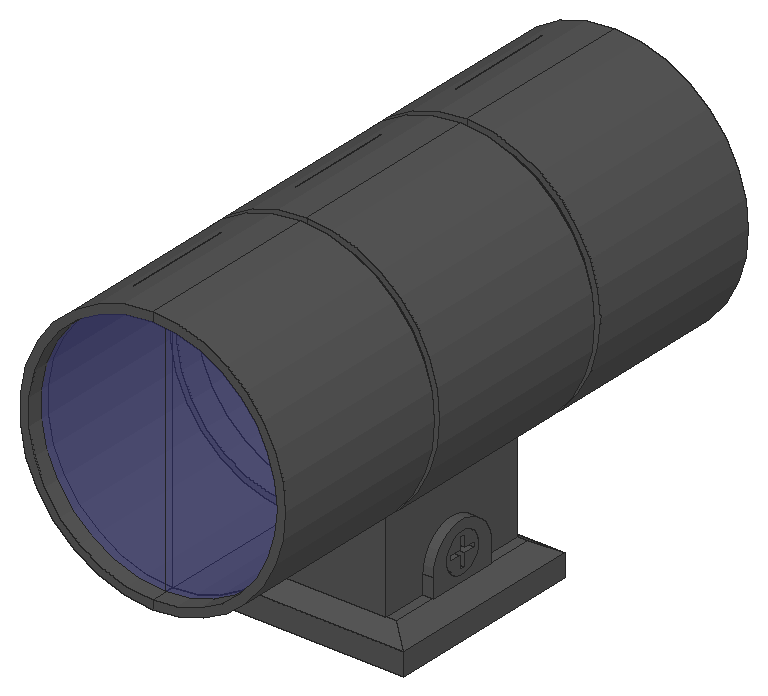
Revit family "CARLO CYLINDER LIGHT WALL MOUNT", category Lighting Fixtures, host Face, Revit 2020 (continued)
Types (10): name | Wattage_Input | Wattage Comments | Wattage | Photometric Web File | built-in parameter 1150142 | Model | built-in parameter 1150105 | Lumens | Light Length 1 | LIGHT RADIUS | LIGHT PLACEMENT | LIGHT LENGTH | LIGHT DIA | built-in parameter 1150106 | FIXED END HEIGHT | Curve base Height | Base Curve | BEAMING ANGLE | Apparent Load
    64.5 169.91 176.25 \r\n 183.79 192.47 203.48 218.54 235.99 254.58 274.77 295.79 320.08 350.7 \r\n 385.01 421.21 459.87 500.97 544.49 590.78 638.7 687.15 736.44 786.77 \r\n 837.39 887.54 937.44 987.32 1036.5 1084.6 1130.9 1174.7 1214.9 1249.3 \r\n 1279.8 1307.8 1332.9 1355.2 1375.7 1395.7 1413.7 1428.8 1440.3 1447.2 \r\n 1452.3 \r\n1448.4 1445 1435.3 1420.5 1402.1 1380.8 1357.6 1333.6 1308.9 1284.1 \r\n 1258 1229.7 1198.4 1162.6 1122.8 1078.3 1031 982.01 932.02 881.89 \r\n 831.83 782.46 733.46 684.35 636.15 589.81 545.05 501.71 460.45 421.96 \r\n 386.02 351.81 321.87 300.14 281.67 262.37 243.58 224.42 207.52 196.14 \r\n 187.44 179.5 172.77 167.15 162.39 158.24 154.67 151.59 148.98 146.8 \r\n 144.94 143.3 141.84 140.55 139.37 138.25 137.18 136.13 135.11 134.16 \r\n 133.22 132.25 131.32 130.5 129.67 128.69 127.6 126.53 125.03 122.83 \r\n 119.61 114.66 108.91 103.18 97.044 90.286 83.181 75.9 68.533 61.19 \r\n 53.974 47.031 40.337 33.782 27.779 22.663 18.559 15.888 14.094 12.863 \r\n 11.891 10.691 9.4913 8.3478 7.2858 6.3144 5.5381 5.1316 4.8944 4.6815 \r\n 4.501 4.306 4.1164 3.9368 3.7662 3.6051 3.453 3.3096 3.1752 3.0569 \r\n 2.934 2.7814 2.619 2.4555 2.3 2.1762 2.0499 1.8803 1.7108 1.5815 \r\n 1.4614 1.3319 1.1964 1.0439 0.9001 0.7974 0.70529 0.59487 0.49362 0.42356 \r\n 0.37219 0.33701 0.31003 0.28005 0.2542 0.23746 0.22503 0.21385 0.20364 0.19259 \r\n 0.18226 0.17485 0.16755 0.15741 0.1471 0.13872 0.13099 0.1231 0.11569 0.10938 \r\n 0.10335 0.096823 0.090366 0.084251 0.078637 0.073965 0.06966 0.066518 0.06087 0.046492 \r\n 0.03185 0.025149 0.020958 0.016145 0.012025 0.0089349 0.006676 0.0052342 0.0043893 0.004198 \r\n 0.0038155 0.0018719 0 0 0 0 0 0 0 0 \r\n 0 0 0 0 0 0 0 0 0.000076 0.0026517 \r\n 0.0064697 0.011273 0.016484 0.021745 0.026132 0.027542 0.029156 0.03403 0.040439 0.047962 \r\n 0.055737 0.062201 0.069028 0.078332 0.087223 0.092647 0.097208 0.10247 0.1085 0.11631 \r\n 0.12451 0.13166 0.13896 0.1475 0.15628 0.16467 0.17266 0.17993 0.18671 0.19266 \r\n 0.19916 0.20794 0.21748 0.22566 0.23607 0.25384 0.27514 0.29558 0.32201 0.3597 \r\n 0.40904 0.47155 0.54915 0.65068 0.75688 0.84142 0.93434 1.0669 1.2091 1.3374 \r\n 1.4638 1.589 1.7232 1.8886 2.05 2.1644 2.2779 2.4337 2.5977 2.7494 \r\n 2.8915 3.014 3.1349 3.2714 3.4159 3.5667 3.7229 3.8789 4.0479 4.2502 \r\n 4.4595 4.5926 4.8411 5.4142 6.1756 7.0785 8.0639 9.0435 10.058 11.145 \r\n 12.228 12.982 14.191 16.499 20.007 25.342 31.566 37.82 44.508 51.918 \r\n 59.541 66.931 74.189 81.279 88.155 94.82 101.08 106.72 111.77 116.23 \r\n 119.82 122.04 123.57 124.97 126.11 127.01 127.78 128.54 129.28 130.03 \r\n 130.82 131.76 132.76 133.8 134.85 135.9 136.97 138.01 139.21 140.78 \r\n 142.6 144.57 146.8 149.38 152.35 155.75 159.71 164.3 169.71 176.01 \r\n 183.56 192.53 203.52 217.36 233.57 251.84 272.48 295.32 321.44 352.33 \r\n 386.5 422.81 461.62 502.94 546.68 593.09 641.1 689.6 738.93 789.32 \r\n 839.98 890.16 940.02 989.6 1038.5 1086.8 1133.3 1177.1 1217 1251.2 \r\n 1281.5 1309 1333.7 1356.1 1376.7 1396.8 1414.8 1429.8 1441.1 1447.7 \r\n 1452.3 \r\n1448.4 1446.3 1437.6 1423.5 1405.6 1385 1362.4 1338.5 1313.7 1289.2 \r\n 1263.4 1235.3 1204.2 1169.2 1130.1 1085.9 1038.6 989.72 939.73 889.37 \r\n 839.01 789.45 740.25 690.9 642.51 596.23 551.47 507.76 465.97 426.91 \r\n 390.42 355.67 325.53 304.52 286.78 267.4 248.04 227.61 209.46 197.76 \r\n 189 180.92 174.05 168.26 163.34 159.05 155.35 152.13 149.4 147.16 \r\n 145.27 143.55 142.03 140.71 139.53 138.39 137.3 136.24 135.21 134.23 \r\n 133.27 132.3 131.38 130.58 129.75 128.73 127.61 126.55 125.16 123.22 \r\n 120.28 115.5 109.86 104.21 98.104 91.246 84.028 76.731 69.387 62.092 \r\n 54.937 48.069 41.413 34.792 28.662 23.376 19.074 16.178 14.198 12.918 \r\n 11.94 10.7 9.4704 8.3385 7.2951 6.318 5.5332 5.1283 4.895 4.6855 \r\n 4.5062 4.3054 4.1101 3.9328 3.7659 3.6065 3.4545 3.3076 3.1705 3.0555 \r\n 2.9373 2.7893 2.6284 2.4562 2.293 2.1742 2.0554 1.8885 1.7198 1.5886 \r\n 1.4672 1.3426 1.2101 1.0485 0.89502 0.79244 0.70238 0.59085 0.48747 0.41502 \r\n 0.35994 0.32565 0.29983 0.26772 0.24011 0.22564 0.21612 0.20585 0.19608 0.18584 \r\n 0.17609 0.16805 0.16001 0.15002 0.14003 0.13176 0.124 0.11576 0.10802 0.10178 \r\n 0.096029 0.090018 0.084008 0.077767 0.072028 0.06779 0.064014 0.061362 0.055734 0.040049 \r\n 0.023902 0.016423 0.011926 0.0074417 0.0039591 0.0014816 0 0 0 0 \r\n 0 0 0 0 0 0 0 0 0 0 \r\n 0 0 0 0 0 0 0 0 0.000096 0.0033822 \r\n 0.0081593 0.013929 0.020181 0.026637 0.032101 0.034131 0.036179 0.041466 0.048243 0.056235 \r\n 0.064229 0.070262 0.076294 0.084289 0.092278 0.098534 0.1043 0.11008 0.11637 0.12414 \r\n 0.1324 0.14041 0.14843 0.15644 0.16446 0.17248 0.18048 0.1887 0.19643 0.20245 \r\n 0.20849 0.21602 0.22456 0.23342 0.24482 0.26313 0.28498 0.30621 0.33352 0.37212 \r\n 0.42228 0.48537 0.56334 0.66528 0.77129 0.85382 0.94488 1.0781 1.2211 1.3482 \r\n 1.4729 1.5968 1.7301 1.8954 2.0577 2.175 2.291 2.4455 2.6073 2.7573 \r\n 2.8994 3.0269 3.1521 3.2846 3.4251 3.5784 3.7421 3.9158 4.0993 4.2965 \r\n 4.4955 4.6101 4.8669 5.5192 6.4006 7.4628 8.6042 9.6984 10.771 11.79 \r\n 12.798 13.603 14.875 17.155 20.643 26.08 32.387 38.552 45.113 52.434 \r\n 60.023 67.528 74.893 81.914 88.682 95.303 101.53 107.15 112.14 116.47 \r\n 119.92 122.09 123.61 125.02 126.18 127.06 127.8 128.55 129.27 129.98 \r\n 130.75 131.66 132.65 133.69 134.73 135.74 136.76 137.78 138.97 140.54 \r\n 142.35 144.32 146.56 149.17 152.17 155.59 159.56 164.18 169.6 175.9 \r\n 183.49 192.76 203.81 216.68 231.88 249.82 270.8 295.38 323.25 354.44 \r\n 388.51 424.97 463.97 505.54 549.5 596.02 644.09 692.67 742.08 792.53 \r\n 843.23 893.44 943.23 992.48 1041.1 1089.4 1135.9 1179.5 1219.1 1253.2 \r\n 1283.2 1310.2 1334.7 1357.2 1378 1398.1 1416.1 1430.8 1441.8 1448.2 \r\n 1452.3 \r\n1448.4 1446.8 1438.6 1424.9 1407.3 1387 1364.6 1340.9 1316.3 1292 \r\n 1266.5 1238.5 1207.5 1172.3 1133.1 1089 1041.9 993.06 942.91 892.25 \r\n 841.6 791.92 742.71 693.52 645.25 598.79 553.77 509.81 467.77 428.44 \r\n 391.71 356.94 326.58 304.55 285.8 266.09 246.88 227.3 210.03 198.41 \r\n 189.5 181.33 174.37 168.52 163.55 159.21 155.47 152.2 149.4 147.1 \r\n 145.15 143.39 141.84 140.5 139.29 138.15 137.06 135.99 134.94 133.92 \r\n 132.92 131.96 131.04 130.23 129.4 128.41 127.32 126.24 124.83 122.97 \r\n 120.15 115.54 109.98 104.14 97.772 90.715 83.371 76.129 68.874 61.569 \r\n 54.381 47.472 40.827 34.397 28.443 23.123 18.704 15.647 13.533 12.266 \r\n 11.344 10.126 8.932 7.8738 6.9285 6.0846 5.4206 5.0684 4.8557 4.6477 \r\n 4.4625 4.2664 4.0795 3.9152 3.7609 3.6079 3.4592 3.3135 3.1758 3.0593 \r\n 2.9392 2.7887 2.6268 2.4584 2.2989 2.1792 2.059 1.894 1.7276 1.5982 \r\n 1.4774 1.35 1.2156 1.0586 0.90968 0.80514 0.71257 0.6032 0.50238 0.42908 \r\n 0.37364 0.33549 0.30628 0.27505 0.2491 0.2342 0.22388 0.21336 0.20335 0.1931 \r\n 0.18342 0.17545 0.16756 0.15786 0.14826 0.14053 0.13318 0.12486 0.11687 0.11035 \r\n 0.10439 0.098554 0.092562 0.085439 0.078797 0.074579 0.070821 0.067047 0.060734 0.046698 \r\n 0.032452 0.025271 0.020688 0.016544 0.013187 0.010113 0.007709 0.0064015 0.0055617 0.004737 \r\n 0.0038266 0.0023631 0.00099343 0.00032452 0.000009 0 0 0 0 0 \r\n 0 0 0 0 0 0 0 0 0.000071 0.0024295 \r\n 0.0060483 0.010903 0.0162 0.021392 0.025711 0.02719 0.028873 0.033629 0.040013 0.047952 \r\n 0.056197 0.063022 0.069774 0.077642 0.085366 0.091857 0.097796 0.10315 0.10896 0.11677 \r\n 0.12512 0.13294 0.14059 0.14805 0.15545 0.16288 0.17051 0.17887 0.18701 0.1937 \r\n 0.20037 0.20806 0.21665 0.2255 0.23713 0.256 0.27868 0.30114 0.32965 0.3688 \r\n 0.41962 0.48471 0.56395 0.66295 0.7671 0.85516 0.95257 1.0877 1.2305 1.354 \r\n 1.4768 1.6082 1.7481 1.9072 2.0625 2.1821 2.3027 2.4613 2.6248 2.7681 \r\n 2.9034 3.0329 3.1611 3.2927 3.4294 3.5736 3.7286 3.9002 4.0831 4.2774 \r\n 4.4722 4.5925 4.8315 5.3973 6.1696 7.1301 8.1807 9.2166 10.24 11.183 \r\n 12.153 13.022 14.433 16.956 20.682 26.219 32.577 38.807 45.386 52.592 \r\n 60.081 67.656 75.147 82.293 89.17 95.83 102.08 107.78 112.78 116.87 \r\n 120.06 122.13 123.61 125.02 126.19 127.08 127.83 128.6 129.36 130.11 \r\n 130.91 131.82 132.8 133.83 134.88 135.84 136.84 137.9 139.13 140.68 \r\n 142.48 144.48 146.76 149.38 152.4 155.87 159.91 164.61 170.17 176.67 \r\n 184.52 194.09 205.6 219.37 235.33 253.09 273.88 299.2 327.95 359.61 \r\n 394.07 431.02 470.49 512.45 556.71 603.34 651.51 700.37 750.01 800.46 \r\n 851.08 901.25 950.93 999.89 1048.1 1095.7 1141.6 1184.6 1223.8 1257.4 \r\n 1287.1 1313.8 1337.9 1360.5 1381.3 1401.2 1418.6 1432.7 1443.1 1448.7 \r\n 1452.3 \r\n1448.4 1447.3 1439.6 1426.2 1408.8 1388.7 1366.5 1343 1318.5 1294.6 \r\n 1269.2 1241.4 1210.5 1175 1135.5 1091.7 1044.8 995.89 945.57 894.61 \r\n 843.67 793.85 744.64 695.65 647.54 600.88 555.55 511.36 469.1 429.55 \r\n 392.65 357.93 327.33 303.91 283.78 263.74 244.84 226.47 210.41 198.92 \r\n 189.83 181.58 174.54 168.64 163.63 159.27 155.5 152.18 149.33 146.97 \r\n 144.96 143.16 141.59 140.22 138.99 137.85 136.76 135.68 134.62 133.56 \r\n 132.53 131.56 130.64 129.82 128.98 128.04 126.99 125.88 124.44 122.63 \r\n 119.9 115.46 110.01 103.95 97.285 90.035 82.583 75.399 68.232 60.903 \r\n 53.666 46.693 40.046 33.834 28.092 22.759 18.24 15.036 12.798 11.546 \r\n 10.682 9.4972 8.349 7.3701 6.5296 5.8338 5.3043 5.0081 4.8151 4.6076 \r\n 4.4153 4.2249 4.048 3.8977 3.7567 3.6104 3.4653 3.3212 3.1832 3.0644 \r\n 2.9413 2.7872 2.6239 2.4611 2.3074 2.1858 2.0628 1.8994 1.7357 1.6082 \r\n 1.4882 1.357 1.2203 1.0701 0.9281 0.82122 0.72535 0.61871 0.52124 0.44851 \r\n 0.39178 0.34901 0.31572 0.2859 0.26212 0.24619 0.23431 0.22334 0.21298 0.20263 \r\n 0.19299 0.18508 0.17737 0.16804 0.1589 0.15175 0.14485 0.13657 0.12839 0.12146 \r\n 0.11511 0.10937 0.10333 0.095231 0.0876 0.08335 0.079552 0.074468 0.067432 0.055561 \r\n 0.043763 0.036971 0.032227 0.028332 0.024949 0.021088 0.017512 0.014784 0.012515 0.010741 \r\n 0.0087551 0.0053015 0.0020623 0.00062297 0.000018 0 0 0 0 0 \r\n 0 0 0 0 0 0 0 0 0.000043 0.0013877 \r\n 0.0036636 0.00723 0.011155 0.014741 0.017648 0.018459 0.019713 0.023845 0.029747 0.037518 \r\n 0.045976 0.053782 0.061498 0.069439 0.077007 0.083615 0.089545 0.094358 0.099634 0.10748 \r\n 0.11587 0.12329 0.13041 0.13733 0.14419 0.15102 0.15822 0.1665 0.17492 0.18243 \r\n 0.18998 0.19818 0.20704 0.21579 0.22747 0.24677 0.27022 0.29401 0.32382 0.36335 \r\n 0.4147 0.48216 0.56288 0.65814 0.75985 0.85459 0.95963 1.0968 1.2391 1.3588 \r\n 1.4795 1.6198 1.7674 1.9195 2.0666 2.1884 2.3138 2.4772 2.6427 2.7788 \r\n 2.9066 3.0375 3.1686 3.3 3.4335 3.5672 3.711 3.8774 4.0572 4.2492 \r\n 4.4417 4.5738 4.7923 5.2426 5.8664 6.6827 7.604 8.5567 9.5187 10.388 \r\n 11.33 12.269 13.834 16.648 20.652 26.278 32.67 38.989 45.612 52.694 \r\n 60.062 67.686 75.292 82.591 89.61 96.318 102.59 108.4 113.43 117.27 \r\n 120.17 122.13 123.58 124.98 126.16 127.06 127.84 128.65 129.46 130.27 \r\n 131.11 132.02 132.99 134.02 135.07 136.01 136.98 138.08 139.36 140.9 \r\n 142.68 144.71 147.04 149.67 152.71 156.22 160.34 165.15 170.86 177.59 \r\n 185.73 195.61 207.62 222.6 239.61 257.24 277.78 303.6 333.03 365.17 \r\n 400.08 437.56 477.52 519.87 564.42 611.16 659.42 708.58 758.49 808.92 \r\n 859.43 909.56 959.11 1007.8 1055.5 1102.3 1147.3 1189.8 1228.6 1261.8 \r\n 1291.1 1317.5 1341.5 1364.1 1384.9 1404.4 1421.3 1434.7 1444.3 1449.3 \r\n 1452.3 \r\n1448.4 1447.7 1440.4 1427.3 1410.2 1390.4 1368.3 1345 1320.7 1297 \r\n 1271.9 1244.3 1213.4 1177.6 1137.8 1094.2 1047.6 998.71 948.24 896.98 \r\n 845.74 795.79 746.55 697.76 649.8 602.93 557.28 512.85 470.39 430.66 \r\n 393.61 358.96 328.07 303.06 281.38 261.02 242.53 225.5 210.74 199.41 \r\n 190.11 181.78 174.66 168.71 163.67 159.29 155.5 152.14 149.24 146.82 \r\n 144.75 142.92 141.32 139.92 138.68 137.54 136.45 135.37 134.29 133.2 \r\n 132.14 131.16 130.23 129.39 128.56 127.67 126.67 125.52 124.05 122.27 \r\n 119.61 115.38 110.05 103.78 96.827 89.422 81.892 74.763 67.667 60.305 \r\n 53.008 45.959 39.3 33.297 27.765 22.424 17.813 14.472 12.117 10.872 \r\n 10.057 8.9067 7.8074 6.9023 6.1589 5.6042 5.2026 4.9568 4.7796 4.5714 \r\n 4.372 4.1871 4.0199 3.8827 3.7543 3.6143 3.4723 3.3298 3.1916 3.0701 \r\n 2.9434 2.7856 2.6209 2.4644 2.3169 2.193 2.0667 1.9051 1.744 1.6183 \r\n 1.4988 1.3637 1.2247 1.0823 0.94806 0.83872 0.73928 0.63561 0.54175 0.4696 \r\n 0.41151 0.36395 0.32647 0.29827 0.27681 0.25953 0.24566 0.23412 0.22332 0.21285 \r\n 0.20324 0.19531 0.18771 0.1788 0.17019 0.16358 0.1571 0.14897 0.14068 0.13325 \r\n 0.12639 0.12067 0.11454 0.10548 0.096888 0.092592 0.088747 0.082387 0.074709 0.065203 \r\n 0.05602 0.049579 0.044557 0.040764 0.037219 0.032522 0.027734 0.023468 0.019667 0.016958 \r\n 0.013903 0.0083154 0.0030679 0.00087174 0.000027 0 0 0 0 0 \r\n 0 0 0 0 0 0 0 0 0.000018 0.00050154 \r\n 0.0015382 0.0036387 0.0059783 0.0079084 0.0094099 0.0095698 0.010422 0.01396 0.019391 0.026936 \r\n 0.035555 0.044364 0.053109 0.061252 0.068754 0.075382 0.081185 0.085472 0.090234 0.098075 \r\n 0.10647 0.1134 0.11992 0.12638 0.13279 0.13908 0.14585 0.1539 0.16245 0.17086 \r\n 0.17946 0.18835 0.19764 0.20626 0.21789 0.23744 0.2615 0.28663 0.31776 0.35749 \r\n 0.40926 0.47936 0.56178 0.65295 0.75185 0.85332 0.96617 1.1055 1.2473 1.3629 \r\n 1.4815 1.6309 1.7866 1.9317 2.0705 2.194 2.3241 2.4922 2.6598 2.7891 \r\n 2.9095 3.0413 3.1748 3.307 3.438 3.5615 3.694 3.8537 4.0291 4.2195 \r\n 4.4114 4.5598 4.7588 5.0845 5.5464 6.2038 6.9828 7.844 8.7425 9.5483 \r\n 10.476 11.488 13.21 16.331 20.626 26.33 32.744 39.162 45.841 52.802 \r\n 60.044 67.688 75.384 82.836 90.001 96.756 103.06 108.98 114.04 117.62 \r\n 120.23 122.09 123.5 124.89 126.1 127.02 127.83 128.68 129.54 130.42 \r\n 131.32 132.24 133.2 134.24 135.28 136.2 137.16 138.31 139.64 141.16 \r\n 142.93 144.99 147.36 149.99 153.05 156.62 160.82 165.73 171.6 178.57 \r\n 187.03 197.18 209.71 225.98 244.16 261.75 282.04 308.19 338.1 370.7 \r\n 406.09 444.08 484.53 527.24 572.05 618.9 667.25 716.71 766.88 817.29 \r\n 867.69 917.76 967.18 1015.6 1062.8 1108.8 1152.8 1194.7 1233.1 1265.9 \r\n 1294.9 1321.1 1345 1367.7 1388.5 1407.6 1424 1436.8 1445.6 1449.9 \r\n 1452.3 \r\n1448.4 1448.1 1441.3 1428.6 1411.8 1392.2 1370.4 1347.2 1323.1 1299.6 \r\n 1274.6 1247.3 1216.5 1180.5 1140.5 1097.2 1050.9 1002 951.42 899.89 \r\n 848.37 798.25 748.94 700.29 652.44 605.37 559.44 514.75 472.05 432.17 \r\n 394.98 360.35 329.12 302.47 279.21 258.6 240.56 224.76 211.19 199.97 \r\n 190.46 182.04 174.83 168.82 163.74 159.33 155.52 152.12 149.18 146.69 \r\n 144.56 142.7 141.08 139.65 138.39 137.25 136.18 135.08 133.99 132.87 \r\n 131.79 130.81 129.88 129.02 128.17 127.35 126.4 125.22 123.72 121.96 \r\n 119.39 115.38 110.21 103.76 96.587 89.09 81.529 74.439 67.385 59.981 \r\n 52.62 45.496 38.818 32.983 27.616 22.258 17.556 14.083 11.612 10.356 \r\n 9.5708 8.4491 7.3931 6.5454 5.8771 5.4342 5.1336 4.9242 4.7557 4.5456 \r\n 4.3402 4.1591 3.9995 3.8729 3.7546 3.6195 3.48 3.3386 3.1998 3.0756 \r\n 2.9456 2.7847 2.619 2.468 2.326 2.2001 2.071 1.9112 1.7527 1.6279 \r\n 1.5082 1.37 1.2297 1.0945 0.96731 0.85568 0.75293 0.65211 0.56162 0.48966 \r\n 0.42998 0.37806 0.33684 0.31017 0.29082 0.27211 0.25621 0.24401 0.23272 0.22219 \r\n 0.21262 0.20451 0.19685 0.18838 0.18035 0.17416 0.16802 0.16012 0.15184 0.14386 \r\n 0.1364 0.13065 0.12442 0.11453 0.10511 0.10079 0.09695 0.089565 0.081446 0.07419 \r\n 0.067407 0.061154 0.05569 0.051802 0.04797 0.04253 0.036696 0.031021 0.025826 0.022335 \r\n 0.018389 0.010905 0.0038714 0.0010472 0.000034 0 0 0 0 0 \r\n 0 0 0 0 0 0 0 0 0.000002 0.000016 \r\n 0.00020396 0.00085838 0.0015995 0.00212 0.0024941 0.0021515 0.0027185 0.0058161 0.01089 0.018209 \r\n 0.026923 0.036593 0.046247 0.054648 0.062158 0.068732 0.074352 0.078242 0.082621 0.090409 \r\n 0.098718 0.10518 0.11115 0.11727 0.12337 0.12926 0.13566 0.14337 0.15191 0.16123 \r\n 0.17094 0.18059 0.19037 0.1989 0.21044 0.23 0.25439 0.2808 0.31319 0.35296 \r\n 0.40504 0.47798 0.56231 0.64948 0.74535 0.85259 0.97232 1.1138 1.2553 1.3669 \r\n 1.4833 1.6411 1.8042 1.9433 2.0746 2.1995 2.3333 2.5054 2.6749 2.7985 \r\n 2.9128 3.0449 3.1803 3.3139 3.4438 3.5591 3.6821 3.8352 4.0063 4.196 \r\n 4.3891 4.5559 4.7406 4.9523 5.2651 5.7766 6.4254 7.2041 8.0484 8.8076 \r\n 9.7334 10.817 12.688 16.106 20.678 26.447 32.873 39.388 46.125 52.979 \r\n 60.1 67.735 75.481 83.055 90.345 97.132 103.45 109.48 114.58 117.9 \r\n 120.23 121.99 123.37 124.76 125.98 126.93 127.77 128.68 129.6 130.54 \r\n 131.5 132.44 133.4 134.45 135.5 136.4 137.35 138.54 139.91 141.42 \r\n 143.18 145.28 147.68 150.32 153.39 
